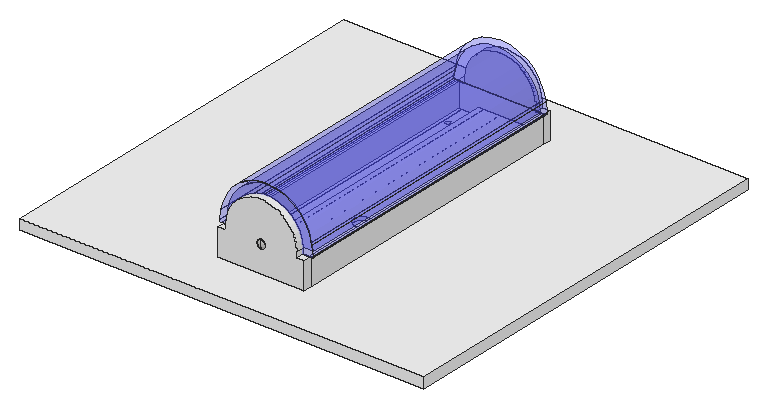
Revit family "BE_50222.1_de_DE", category Leuchten, Revit 2015
Parameters (values of type "BEGA_50222.1_K4")
  built-in parameter 1150104 = 13.146 (stored number, unit not read)
  Wattage = 5.9 W
  Default Elevation = 0 mm
  built-in parameter 1150113 = 1 (stored number, unit not read)
  built-in parameter 1114218 = 1 (stored number, unit not read)
  Umgebungstemperatur = "25 °C"
  URL = "http://www.bega.de/produkt/50222.1"
  Typenkommentare = "© 2017 BEGA. Wir behalten uns das Recht vor, technische Änderungen ohne vorherige Ankündigung vorzunehmen."  # constant formula
  built-in parameter 1150134 = 12
  built-in parameter 1150109 = 1 (stored number, unit not read)
  Strom = ""
  built-in parameter 1150110 = 1 (stored number, unit not read)
  Spannung = 239.996 V
  Sonderanfertigung = no
  Seriennummer [instance] = "Hier können Sie die eindeutige Seriennummer für das Facility Management eintragen."
  Schutzklasse = "I"
  Schutzart = "IP 20"
  Scheinlast = 0 VA
  Produktdatenblatt = "http://www.bega.de/download/Xrfa/db/50222.1.db.de.pdf"
  Oberflächentemperatur = ""
  Neigungswinkel = 0.00°
  Modell = "50222.1K4"
  Material_17 = BEGA_Reflektor
  Material_15 = BEGA_Leuchtmedium_matt
  Material_14 = BEGA_Kunststoff_opal
  Material_11 = BEGA_Glas_opal
  Material_09 = BEGA_Glas_klar
  Material_06 = BEGA_Oberfläche_Edelstahl_gebürstet
  Material_05 = BEGA_Oberfläche_Aluminium Guss
  Material_03 = BEGA_Oberfläche_Weiss_matt
  Material_02 = BEGA_Oberfläche_Silber_matt
  Material_01 [instance] = BEGA_Oberfläche_Grafit_matt
  M_W = no
  M_G = no
  M_A = no
  Logo = 0
  built-in parameter 1114217 = 1 (stored number, unit not read)
  built-in parameter 1150139 = (empty or 0)
  built-in parameter 1150105 = 66.435 (stored number, unit not read)
  built-in parameter 1150114 = 1 (stored number, unit not read)
  Lumens = 834.85 lm
  built-in parameter 1150115 = 1 (stored number, unit not read)
  Leuchtenlichtstrom = "627 lm"
  Leuchtenanzahl = ""
  Lebensdauerkriterien = "L70B50 @ 25 °C = 500000 h"
  Lastklassifizierung = Beleuchtung
  built-in parameter 1150112 = 1 (stored number, unit not read)
  Lampenlichtstrom = "835 lm"
  Lampe = "LED 5.9 W"
  LED_Modulbezeichnung = "LED-0572/940 "
  Hersteller = "BEGA"  # constant formula
  Halbstreuwinkel = ""
  Gewicht = "0.85 kg"
  Gebrauchslageneinschränkung [instance] = ""
  Frequenz = "0/50-60 Hz"
  Farbwiedergabeindex = "Ra > 90"
  Farbtemperaturverschiebung bei Dämpfen der Lampe = <Keine Auswahl>
  Farbtemperatur = "4000 K"
  Color Filter = 16777215
  built-in parameter 1150133 = 10 (stored number, unit not read)
  Energieeffizienzklasse = "LED A++ - A"
  built-in parameter 1150137 = (empty or 0)
  built-in parameter 1150132 = (empty or 0)
  ENEC = ""
  Dimmbar [instance] = ""
  Datei für fotometrisches Netz = "BE_50222K4.IES"
  CE_Konformität = "ja"
  Bestellnummer = "50222.1K4"
  Beschreibung_Sonderanfertigung = "Hier können Sie Informationen zur Sonderanfertigung eintragen."
  Beschreibung = "Wandleuchte"
  built-in parameter 1150106 = 0.66435 (stored number, unit not read)
  Befestigungsbohrung = "Ø 5 mm"
  Befestigungsabstand = "240 x 65 mm"
  Ballwurfsicher = ""
  BEGA_Intern_aus = yes
  BEGA_Intern_an = yes
  BEGA_Intern_Konstruktion = yes
  BEGA_Intern = yes
  BEGA_IES = yes
  BEGA_Dummy = no
  Anschlussleitung = ""
  Anschlussleistung [instance] = "7.9 W"
  Anschlusskasten = ""
  built-in parameter 1150107 = 4000 (stored number, unit not read)
  built-in parameter 1150102 = (empty or 0)
  built-in parameter 1150138 = (empty or 0)
  Aktualisierung = "2017-09-21T04:09:30"
  Abstand_zur_angestrahlten_Fläche [instance] = ""
  AC/DC = "AC/DC"
Types (2, lengths in mm): name | built-in parameter 1150104 | built-in parameter 1150134 | Modell | built-in parameter 1150105 | Lumens | Leuchtenlichtstrom | Lampenlichtstrom | LED_Modulbezeichnung | Farbtemperatur | Datei für fotometrisches Netz | Bestellnummer | built-in parameter 1150106 | built-in parameter 1150107
  BEGA_50222.1_K3 | 12.672 (stored number, unit not read) | (empty or 0) | "50222.1" | 64.041 (stored number, unit not read) | 804.76 lm | "604 lm" | "805 lm" | "LED-0572/930 " | "3000 K" | "BE_50222.IES" | "50222.1" | 0.64041 (stored number, unit not read) | 3000 (stored number, unit not read)
  BEGA_50222.1_K4 | 13.146 (stored number, unit not read) | 12 | "50222.1K4" | 66.435 (stored number, unit not read) | 834.85 lm | "627 lm" | "835 lm" | "LED-0572/940 " | "4000 K" | "BE_50222K4.IES" | "50222.1K4" | 0.66435 (stored number, unit not read) | 4000 (stored number, unit not read)
Reference planes
  plane 1 "Mitte (Vorne/Hinten)": y = 0
  plane 2: z = 0
  plane 3 "Mitte (Links/Rechts)": x = 0
  plane 4 "Links": x = -46.429
  plane 5 "Rechts": x = 46.429
  plane 6 "Unten": y = -151.5
  plane 7 "Oben": y = 151.5
  plane 8 "Vorne": z = 76.8
  plane 9 "Hinten": z = 0
Forms (mm)
  Extrusion 1, solid, material "BEGA_Platte_Weiss"
    sketch origin (0, -1119.2, 0) x (1, 0, 0) y (0, 1, 0)
      loop
        line (-200, 1319.2) -> (-200, 919.2) -> (200, 919.2) -> (200, 1319.2) -> (-200, 1319.2)
    from 0 to -10
  Extrusion 2, solid, material "BEGA_Dummy_matt", visible <- "BEGA_Dummy"
    sketch origin (80.095, -76.023, 0) x (1, 0, 0) y (0, 1, 0)
      loop
        line (-126.525, 227.523) -> (-126.525, -75.477) -> (-33.666, -75.477) -> (-33.666, 227.523) -> (-126.525, 227.523)
    from 0 to 76.8
Dimensions and locks
  plane 1 "Mitte (Vorne/Hinten)" to Extrusion 1 = 200 mm
  aligned and locked: plane 2 to Extrusion 1
  aligned and locked: level to Extrusion 1
Nested families
  nested 1: "BE_50222.1" at (0, 0, 0) x (0, 1, 0) z (0, 0, 1), type "BE_50222.1"
Connectors
  electrical at (0, 0, 0), driven by "Lastklassifizierung", driven by "Spannung", driven by "Scheinlast"
    settings: index 1, voltage 239.996 V, apparent load 0 VA, apparent load phase1 0 VA, apparent load phase2 0 VA, apparent load phase3 0 VA, power factor 1, load classification "Beleuchtung", number of poles 1, system type 31, power factor state 1, is connector primary yes, connector utility no, sub classification motor no, connector description ""
Definition of nested family "BE_50222.1"
  Parameters (values of type "BE_50222.1")
    Default Elevation = 1 mm
    URL = "http://www.bega.de/de/produkt"
    Type Comments = "© 2015 BEGA. Wir behalten uns das Recht vor, technische Änderungen ohne vorherige Ankündigung vorzunehmen. "  # constant formula
    Type Image = (empty or 0)
    Neigungswinkel_um_Z2 = 0.00°
    Neigungswinkel_um_Z1 = 0.00°
    Neigungswinkel_um_Y2 = 0.00°
    Neigungswinkel_um_Y1 = 0.00°
    Neigungswinkel_um_X2 = 0.00°
    Neigungswinkel_um_X1 = 0.00°
    Material_17 = none
    Material_15 = none
    Material_14 = none
    Material_11 = none
    Material_09 = none
    Material_06 = none
    Material_05 = none
    Material_03 = none
    Material_02 = none
    Material_01 = none
    M_W = yes
    M_G = yes
    M_A = yes
    Länge_Platte = 500 mm  # constant formula
    Höhe_Platte = -10 mm  # constant formula
    Manufacturer = "BEGA"  # constant formula
    Drehwinkel_um_Z2 = 0.00°
    Drehwinkel_um_Z1 = 0.00°
    Breite_Platte = 200 mm  # constant formula
  Reference planes
    plane 1 "Mitte (Oben/Unten)": y = 0
    plane 2: z = 0
    plane 3 "Mitte (Links/Rechts)": x = 0
    plane 4: x = -151.5
    plane 5: z = 76.8
    plane 6: x = 151.5
    plane 7: y = -46.429
    plane 8: y = 46.429
  Forms (mm)
    Extrusion 1, solid, detail levels medium
      sketch origin (0, 0, 0) x (1, 0, 0) y (0, 1, 0)
        loop
          line (-250, 100) -> (-250, -100) -> (250, -100) -> (250, 100) -> (-250, 100)
      from 0 to -10 <- "Höhe_Platte"
    Extrusion 2, solid, material <- "Material_11", detail levels medium+fine
      sketch origin (0, 0, 0) x (0, 1, 0) y (0, 0, 1)
        loop
          line (-45.002, 38.016) -> (-46.407, 28.597)
          arc (-46.407, 28.597) -> (-45.945, 26.995) -> (-44.429, 26.291) r 2
          line (-44.429, 26.291) -> (44.429, 26.3)
          arc (44.429, 26.3) -> (45.945, 26.995) -> (46.407, 28.597) r 2
          line (46.407, 28.597) -> (45.002, 38.016)
          arc (45.002, 38.016) -> (0, 76.8) -> (-45.002, 38.016) r 45.5
        loop
          line (-42.69, 29.791) -> (42.69, 29.791) -> (41.54, 37.499)
          arc (41.54, 37.499) -> (0, 73.3) -> (-41.54, 37.499) r 42
          line (-41.54, 37.499) -> (-42.69, 29.791)
      from -145 to 145
    Extrusion 3, solid, material <- "Material_03", detail levels medium+fine
      sketch origin (0, 0, 0) x (0, 1, 0) y (0, 0, -1)
        loop
          line (42.55, -26.291) -> (42.55, 0) -> (-42.55, 0) -> (-42.55, -26.3) -> (-34.8, -26.3) -> (-34.8, -31.3)
          arc (-34.8, -31.3) -> (0, -66.1) -> (34.8, -31.3) r 34.8
          line (34.8, -31.3) -> (34.8, -26.291) -> (42.55, -26.291)
      from 144 to 151.5
    Revolve 4, void
      sketch origin (0, 0, 0) x (1, 0, 0) y (0, 0, 1)
        loop
          line (-149.134, 28.034) -> (-152.247, 31.146) -> (-152.247, 26.3) -> (-149.134, 26.3) -> (-149.134, 28.034)
        axis (-149.134, 26.3) -> (-152.247, 26.3)
      angle from 0 to 360
    Revolve 5, solid, material <- "Material_06", detail levels fine
      sketch origin (0, 0, 0) x (1, 0, 0) y (0, 0, 1)
        loop
          arc (-151.428, 30.178) -> (-152.212, 28.307) -> (-152.5, 26.3) r 8
          line (-152.5, 26.3) -> (-149.417, 26.3) -> (-149.417, 28.167) -> (-151.428, 30.178)
        axis (-152.5, 26.3) -> (-149.417, 26.3)
      angle from 0 to 360
    Extrusion 6, void
      sketch origin (0, 0, 0) x (1, 0, 0) y (0, 1, 0)
        loop
          circle (-54, -22.014) r 8.532
        loop
          circle (120.02, -32.5) r 2.5
        loop
          circle (120.02, 32.5) r 2.5
        loop
          circle (-120.02, -32.5) r 2.5
        loop
          circle (-120.02, 32.5) r 2.5
      from 0 to 10.983
    Extrusion 7, solid, material <- "Material_03", detail levels medium+fine
      sketch origin (0, 0, 0) x (0, 1, 0) y (0, 0, 1)
        loop
          arc (38.75, 1) -> (39.75, 0.732) -> (40.482, 0) r 2
          line (40.482, 0) -> (42.55, 0) -> (42.55, 26) -> (40.75, 26) -> (40.75, 2.8) -> (20.75, 2.8) -> (20.75, 10.5) -> (-39.75, 10.5)
          arc (-39.75, 10.5) -> (-40.457, 10.793) -> (-40.75, 11.5) r 1
          line (-40.75, 11.5) -> (-40.75, 26) -> (-42.55, 26) -> (-42.55, 0) -> (-40.75, 0) -> (-40.75, 6)
          arc (-40.75, 6) -> (-40.164, 7.414) -> (-38.75, 8) r 2
          line (-38.75, 8) -> (-5.45, 8) -> (-5.45, 0) -> (-3.65, 0) -> (-3.65, 6.5)
          arc (-3.65, 6.5) -> (-3.357, 7.207) -> (-2.65, 7.5) r 1
          line (-2.65, 7.5) -> (2.65, 7.5)
          arc (2.65, 7.5) -> (3.357, 7.207) -> (3.65, 6.5) r 1
          line (3.65, 6.5) -> (3.65, 0) -> (5.45, 0) -> (5.45, 7)
          arc (5.45, 7) -> (5.743, 7.707) -> (6.45, 8) r 1
          line (6.45, 8) -> (17.95, 8)
          arc (17.95, 8) -> (18.657, 7.707) -> (18.95, 7) r 1
          line (18.95, 7) -> (18.95, 1) -> (38.75, 1)
      from -144 to 144.036
    Extrusion 8, solid, material <- "Material_03", detail levels medium+fine
      sketch origin (0, 0, 0) x (0, 1, 0) y (0, 0, 1)
        loop
          line (42.55, 26.291) -> (34.8, 26.291) -> (34.8, 31.3)
          arc (34.8, 31.3) -> (0, 66.1) -> (-34.8, 31.3) r 34.8
          line (-34.8, 31.3) -> (-34.8, 26.3) -> (-42.55, 26.3) -> (-42.55, 0) -> (42.55, 0) -> (42.55, 26.291)
      from 144.036 to 151.5
    Extrusion 9, solid, material <- "Material_11", detail levels medium+fine
      sketch origin (0, 0, 0) x (0, 1, 0) y (0, 0, 1)
        loop
          arc (44.013, 37.868) -> (0, 75.8) -> (-44.013, 37.868) r 44.5
          line (-44.013, 37.868) -> (-45.59, 27.3) -> (45.59, 27.3) -> (44.013, 37.868)
      from 140.495 to 145
    Extrusion 10, solid, material <- "Material_11", detail levels medium+fine
      sketch origin (0, 0, 0) x (0, 1, 0) y (0, 0, -1)
        loop
          line (44.013, -37.868) -> (45.59, -27.3) -> (-45.59, -27.3) -> (-44.013, -37.868)
          arc (-44.013, -37.868) -> (0, -75.8) -> (44.013, -37.868) r 44.5
      from 140.495 to 145
    Extrusion 11, solid, material <- "Material_14", detail levels medium+fine
      sketch origin (0, 0, 0) x (0, 1, 0) y (0, 0, 1)
        loop
          line (42.55, 21.7) -> (42.55, 5.4) -> (46.05, 5.4) -> (46.05, 21.7) -> (42.55, 21.7)
      from -85.25 to -58.75
    Extrusion 12, solid, material <- "Material_14", detail levels medium+fine
      sketch origin (0, 0, 0) x (1, 0, 0) y (0, 1, 0)
        loop
          arc (-77.62, 52.133) -> (-78.907, 52.361) -> (-79.884, 51.494) r 1.5
          arc (-79.884, 51.494) -> (-80.696, 48.826) -> (-80.97, 46.05) r 14.179
          line (-80.97, 46.05) -> (-62.977, 46.05)
          arc (-62.977, 46.05) -> (-63.422, 47.007) -> (-64.388, 47.434) r 1.5
          arc (-64.388, 47.434) -> (-71.341, 48.836) -> (-77.62, 52.133) r 25
      from 9.55 to 17.55
  Cuts and joins
    Extrusion 6 cuts Extrusion 2
    joined: Extrusion 2, Extrusion 9, Extrusion 10
    Revolve 4, Extrusion 6 cuts Extrusion 3
    joined: Extrusion 3, Extrusion 8
    Extrusion 6 cuts Extrusion 7
    joined: Extrusion 11, Extrusion 12
  Dimensions and locks
    equal spacing: Extrusion 1 sketch curve, plane 3 "Mitte (Links/Rechts)", Extrusion 1 sketch curve
    equal spacing: Extrusion 1 sketch curve, plane 1 "Mitte (Oben/Unten)", Extrusion 1 sketch curve
    "Länge_Platte": Extrusion 1 sketch curve to Extrusion 1 sketch curve
    "Breite_Platte": Extrusion 1 sketch curve to Extrusion 1 sketch curve
    aligned and locked: Extrusion 1 to plane 2
    aligned and locked: level to Extrusion 1
  Automatic sketch dimensions
    Extrusion 2 sketch curve to plane 1 "Mitte (Oben/Unten)" = 0 mm
    Extrusion 2 sketch curve to Extrusion 2 sketch curve = 1.978 mm  (x2)
    level to Extrusion 2 sketch curve = 28.3 mm
    Extrusion 2 sketch curve to Extrusion 2 sketch curve = 0.297 mm  (x2)
    level to Extrusion 2 sketch curve = 31.3 mm
    Extrusion 2 sketch curve to Extrusion 2 sketch curve = 9.419 mm
    Extrusion 2 sketch curve to Extrusion 2 sketch curve = 0 mm  (x4)
    Extrusion 2 sketch curve to Extrusion 2 sketch curve = 0.009 mm
    Extrusion 3 sketch curve to level = 0 mm
    Extrusion 3 sketch curve to plane 1 "Mitte (Oben/Unten)" = 0 mm
    Extrusion 3 sketch curve to Extrusion 3 sketch curve = 7.75 mm  (x2)
    Extrusion 3 sketch curve to Extrusion 3 sketch curve = 26.291 mm
    Extrusion 3 sketch curve to Extrusion 3 sketch curve = 26.3 mm
    Extrusion 3 sketch curve to Extrusion 3 sketch curve = 5 mm
    Revolve 4 sketch curve to Revolve 4 sketch curve = 3.112 mm  (x2)
    level to Revolve 4 sketch curve = 26.3 mm
    Revolve 4 sketch curve to Revolve 4 sketch curve = 1.734 mm
    Revolve 4 sketch curve to Revolve 4 sketch curve = 0 mm  (x2)
    Revolve 4 sketch curve to Revolve 4 sketch curve = 0.612 mm
    Revolve 5 sketch curve to Revolve 5 sketch curve = 1.072 mm
    Revolve 5 sketch curve to Revolve 5 sketch curve = 2.011 mm
    Revolve 5 sketch curve to Revolve 5 sketch curve = 4.916 mm
    level to Revolve 5 sketch curve = 26.175 mm
    Revolve 5 sketch curve to Revolve 5 sketch curve = 0.125 mm
    Revolve 5 sketch curve to Revolve 5 sketch curve = 1.867 mm
    Revolve 5 sketch curve to Revolve 5 sketch curve = 0.801 mm
    Revolve 5 sketch curve to Revolve 5 sketch curve = 0.011 mm
    Revolve 5 sketch curve to Revolve 5 sketch curve = 0 mm
    plane 1 "Mitte (Oben/Unten)" to Extrusion 6 sketch curve = 22.014 mm
    Extrusion 6 sketch curve to plane 3 "Mitte (Links/Rechts)" = 54 mm
    Extrusion 7 sketch curve to level = 0 mm  (x4)
    Extrusion 7 sketch curve to Extrusion 7 sketch curve = 1.8 mm  (x6)
    Extrusion 7 sketch curve to Extrusion 7 sketch curve = 1 mm  (x5)
    plane 1 "Mitte (Oben/Unten)" to Extrusion 7 sketch curve = 5.45 mm
    Extrusion 7 sketch curve to plane 1 "Mitte (Oben/Unten)" = 2.65 mm
    Extrusion 7 sketch curve to plane 1 "Mitte (Oben/Unten)" = 3.65 mm
    Extrusion 7 sketch curve to Extrusion 7 sketch curve = 11.5 mm
    level to Extrusion 7 sketch curve = 1 mm
    Extrusion 7 sketch curve to Extrusion 7 sketch curve = 2.8 mm
    Extrusion 7 sketch curve to Extrusion 7 sketch curve = 1.732 mm
    Extrusion 7 sketch curve to Extrusion 7 sketch curve = 2 mm
    level to Extrusion 7 sketch curve = 6 mm
    Extrusion 7 sketch curve to Extrusion 7 sketch curve = 1.5 mm
    Extrusion 7 sketch curve to Extrusion 7 sketch curve = 0.5 mm
    Extrusion 7 sketch curve to Extrusion 7 sketch curve = 2.5 mm
    Extrusion 7 sketch curve to Extrusion 7 sketch curve = 14.5 mm
    Extrusion 7 sketch curve to Extrusion 7 sketch curve = 23.2 mm
    Extrusion 8 sketch curve to level = 0 mm
    Extrusion 8 sketch curve to plane 1 "Mitte (Oben/Unten)" = 0 mm
    Extrusion 8 sketch curve to Extrusion 8 sketch curve = 7.75 mm  (x2)
    level to Extrusion 8 sketch curve = 26.291 mm
    level to Extrusion 8 sketch curve = 26.3 mm
    Extrusion 8 sketch curve to Extrusion 8 sketch curve = 5.009 mm
    Extrusion 9 sketch curve to plane 1 "Mitte (Oben/Unten)" = 0 mm
    level to Extrusion 9 sketch curve = 27.3 mm
    level to Extrusion 9 sketch curve = 31.3 mm
    Extrusion 9 sketch curve to Extrusion 9 sketch curve = 0 mm  (x3)
    Extrusion 9 sketch curve to Extrusion 9 sketch curve = 10.568 mm  (x2)
    Extrusion 10 sketch curve to plane 1 "Mitte (Oben/Unten)" = 0 mm
    level to Extrusion 10 sketch curve = 31.3 mm
    level to Extrusion 10 sketch curve = 27.3 mm
    Extrusion 10 sketch curve to Extrusion 10 sketch curve = 0 mm  (x4)
    Extrusion 10 sketch curve to Extrusion 10 sketch curve = 10.568 mm
    Extrusion 2 sketch curve to Extrusion 2 sketch curve = 1.739 mm  (x2)
    Extrusion 2 sketch curve to Extrusion 2 sketch curve = 1.195 mm  (x2)
    Extrusion 2 sketch curve to Extrusion 2 sketch curve = 0.517 mm  (x2)
    Extrusion 2 sketch curve to Extrusion 2 sketch curve = 3.462 mm
    Extrusion 11 sketch curve to Extrusion 11 sketch curve = 3.5 mm
    level to Extrusion 11 sketch curve = 5.4 mm
    Extrusion 11 sketch curve to Extrusion 11 sketch curve = 16.3 mm
    Extrusion 12 sketch curve to Extrusion 12 sketch curve = 1.385 mm
    Extrusion 12 sketch curve to Extrusion 12 sketch curve = 2.319 mm
    Extrusion 12 sketch curve to Extrusion 12 sketch curve = 1.5 mm
    Extrusion 12 sketch curve to Extrusion 12 sketch curve = 0.114 mm  (x2)
    Extrusion 12 sketch curve to Extrusion 12 sketch curve = 0 mm  (x2)
    Extrusion 12 sketch curve to Extrusion 12 sketch curve = 0.085 mm
    Extrusion 12 sketch curve to Extrusion 12 sketch curve = 1.496 mm
    Revolve 4 sketch curve to plane 3 "Mitte (Links/Rechts)" = 152.247 mm
    Revolve 5 sketch curve to plane 3 "Mitte (Links/Rechts)" = 152.5 mm
    Extrusion 6 sketch curve to Extrusion 6 sketch curve = 66.02 mm
    Extrusion 6 sketch curve to Extrusion 6 sketch curve = 0 mm  (x2)
    Extrusion 12 sketch curve to plane 3 "Mitte (Links/Rechts)" = 80.97 mm
    plane 3 "Mitte (Links/Rechts)" to Extrusion 6 sketch curve = 120.02 mm
    level to Extrusion 2 sketch curve = 37.499 mm
    Extrusion 2 sketch curve to Extrusion 2 sketch curve = 1.15 mm  (x2)
    Extrusion 6 sketch curve to plane 1 "Mitte (Oben/Unten)" = 32.5 mm  (x2)
    Extrusion 7 sketch curve to Extrusion 7 sketch curve = 18 mm
    Extrusion 9 sketch curve to plane 1 "Mitte (Oben/Unten)" = 45.59 mm
    Extrusion 9 sketch curve to Extrusion 9 sketch curve = 1.577 mm  (x2)
    Extrusion 10 sketch curve to plane 1 "Mitte (Oben/Unten)" = 45.59 mm
    Extrusion 10 sketch curve to Extrusion 10 sketch curve = 1.577 mm  (x2)
    Extrusion 11 sketch curve to plane 1 "Mitte (Oben/Unten)" = 42.55 mm
    Extrusion 12 sketch curve to Extrusion 12 sketch curve = 2.472 mm
    Extrusion 12 sketch curve to Extrusion 12 sketch curve = 11.707 mm
    Extrusion 12 sketch curve to plane 1 "Mitte (Oben/Unten)" = 45.936 mm
    Extrusion 12 sketch curve to Extrusion 12 sketch curve = 24.96 mm
    Extrusion 12 sketch curve to Extrusion 12 sketch curve = 0.879 mm
    plane 1 "Mitte (Oben/Unten)" to Extrusion 2 sketch curve = 41.54 mm
    plane 1 "Mitte (Oben/Unten)" to Extrusion 3 sketch curve = 34.8 mm
    plane 1 "Mitte (Oben/Unten)" to Extrusion 6 sketch curve = 32.5 mm  (x2)
    Extrusion 7 sketch curve to Extrusion 7 sketch curve = 33.3 mm
    plane 1 "Mitte (Oben/Unten)" to Extrusion 8 sketch curve = 34.8 mm
    plane 1 "Mitte (Oben/Unten)" to Extrusion 9 sketch curve = 45.59 mm
    plane 1 "Mitte (Oben/Unten)" to Extrusion 10 sketch curve = 45.59 mm
    radius of Extrusion 6 sketch curve = 8.532 mm
    radius of Extrusion 6 sketch curve = 2.5 mm  (x4)
